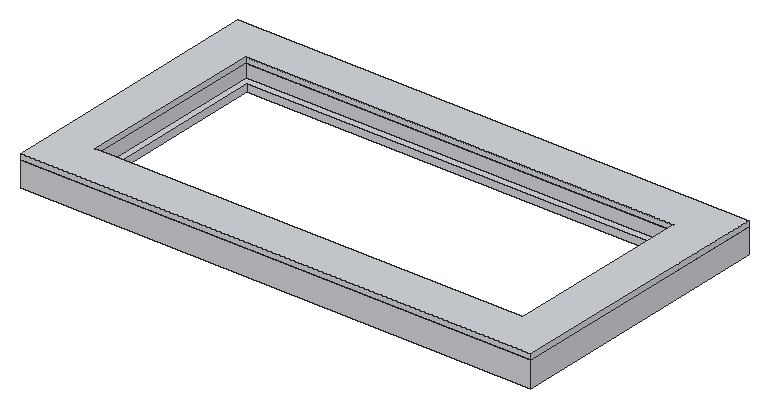
Revit family "Gira_100233", category Electrical Fixtures, host Face, Revit 2017
Family settings
  Host = Face
  Maintain Annotation Orientation = No
  Round Connector Dimension = Use Diameter
  Part Type = Normal
  Cut with Voids When Loaded = No
  Shared = No
  Room Calculation Point = No
Parameters (values of type "Abdeckrahmen 2f o.M. Gira E2 Edelstahl")
  Werkstoffgüte = "edelstahl"
  Werkstoff = "Metall"
  URL = "http://katalog.gira.de/de_DE/datenblatt.html?artikelnr=100233"
  Transparent = "No"
  Textfeld/Beschriftungsfläche = "No"
  Schutzart (IP) = "IP20"
  Region = "DE"
  Oberfläche = "sonstige"
  Name = "Abdeckrahmen 2f o.M. Gira E2 Edelstahl"
  Montagerichtung = "horizontal und vertikal"
  Mit Montagerahmen = "No"
  Mit Klappdeckel = "No"
  Manufacturer URL = "https://www.gira.de/"
  Keynote = "E2_Rahmen_2fach o.Mittelsteg"
  HeinzeBIM = "https://bimportal.heinze.de/bim/abdeckrahmen-2f-o-m-gira-e2-edelstahl/6e887a0b562d55431db4eade15a65676f76debcb"
  Halogenfrei = "No"
  HAN = "100233"
  Geeignet für Unterputz-Installation = "Yes"
  Geeignet für Unterflurkanaldose = "No"
  Geeignet für Geräteeinbaukanal = "No"
  Geeignet für Einbauinstallation = "No"
  GTIN = "4010337019848"
  Farbe = "edelstahl"
  Default Elevation = 1219.2 mm
  Data sheet (1) = "https://katalog.gira.de/de_DE/download.html?artikelnr=100233"
  Category = "Abdeckrahmen"
  Befestigungsart = "Klemmbefestigung"
  Available = "Yes"
  Anzahl der Einheiten vertikal = "2 "
  Anzahl der Einheiten horizontal = "2 "
  Anzahl der Einheiten = "2 "
Reference planes
  plane 1 "Center (Front/Back)": y = 0
  plane 2: z = 0
  plane 3 "Center (Left/Right)": x = 0
Forms (mm)
  Extrusion 1, solid, detail levels fine
    sketch origin (0, 0, 0) x (1, 0, 0) y (0, 1, 0)
      loop
        line (-75.95, 40.4) -> (-75.95, -40.4) -> (75.95, -40.4) -> (75.95, 40.4) -> (-75.95, 40.4)
      loop
        line (-63.602, -28.052) -> (63.602, -28.052) -> (63.602, 28.052) -> (-63.602, 28.052) -> (-63.602, -28.052)
    from 7.7 to 9.3
  Extrusion 2, solid, detail levels fine
    sketch origin (0, 0, 0) x (1, 0, 0) y (0, 1, 0)
      loop
        line (-75.95, 40.4) -> (-75.95, -40.4) -> (75.95, -40.4) -> (75.95, 40.4) -> (-75.95, 40.4)
      loop
        line (-74.148, -38.598) -> (74.148, -38.598) -> (74.148, 38.598) -> (-74.148, 38.598) -> (-74.148, -38.598)
    from 0 to 7.7
  Extrusion 3, solid, detail levels fine
    sketch origin (0, 0, 0) x (1, 0, 0) y (0, 1, 0)
      loop
        line (-61.45, -25.7) -> (61.451, -25.7) -> (61.451, 25.701) -> (-61.45, 25.701) -> (-61.45, -25.7)
      loop
        line (-63.602, 28.052) -> (-63.602, -28.052) -> (63.602, -28.052) -> (63.602, 28.052) -> (-63.602, 28.052)
    from 1.8 to 3.8
  Extrusion 4, solid, detail levels fine
    sketch origin (0, 0, 0) x (1, 0, 0) y (0, 1, 0)
      loop
        line (-63.602, -28.052) -> (63.602, -28.052) -> (63.602, 28.052) -> (-63.602, 28.052) -> (-63.602, -28.052)
      loop
        spline (65.089, 27.539) -> (65.072, 27.8) -> (65.021, 28.057) -> (64.937, 28.305) -> (64.821, 28.539) -> (64.676, 28.757) -> (64.504, 28.954) -> (64.307, 29.126) -> (64.089, 29.271) -> (63.855, 29.387) -> (63.607, 29.471) -> (63.35, 29.522) -> (63.089, 29.539)
        line (63.089, 29.539) -> (-63.089, 29.539)
        spline (-63.089, 29.539) -> (-63.35, 29.522) -> (-63.607, 29.471) -> (-63.855, 29.387) -> (-64.089, 29.271) -> (-64.307, 29.126) -> (-64.504, 28.954) -> (-64.676, 28.757) -> (-64.821, 28.539) -> (-64.937, 28.305) -> (-65.021, 28.057) -> (-65.072, 27.8) -> (-65.089, 27.539)
        line (-65.089, 27.539) -> (-65.089, -27.539)
        spline (-65.089, -27.539) -> (-65.072, -27.8) -> (-65.021, -28.057) -> (-64.937, -28.305) -> (-64.821, -28.539) -> (-64.676, -28.757) -> (-64.504, -28.954) -> (-64.307, -29.126) -> (-64.089, -29.271) -> (-63.855, -29.387) -> (-63.607, -29.471) -> (-63.35, -29.522) -> (-63.089, -29.539)
        line (-63.089, -29.539) -> (63.089, -29.539)
        spline (63.089, -29.539) -> (63.35, -29.522) -> (63.607, -29.471) -> (63.855, -29.387) -> (64.089, -29.271) -> (64.307, -29.126) -> (64.504, -28.954) -> (64.676, -28.757) -> (64.821, -28.539) -> (64.937, -28.305) -> (65.021, -28.057) -> (65.072, -27.8) -> (65.089, -27.539)
        line (65.089, -27.539) -> (65.089, 27.539)
    from 1.8 to 7.7
  Extrusion 5, solid, detail levels coarse+medium
    sketch origin (0, 0, 0) x (1, 0, 0) y (0, 1, 0)
      loop
        line (-75.95, 40.4) -> (-75.95, -40.4) -> (75.95, -40.4) -> (75.95, 40.4) -> (-75.95, 40.4)
    from 0 to 9.3
Dimensions and locks
  aligned and locked: plane 2 to host face
  aligned and locked: level to host face
